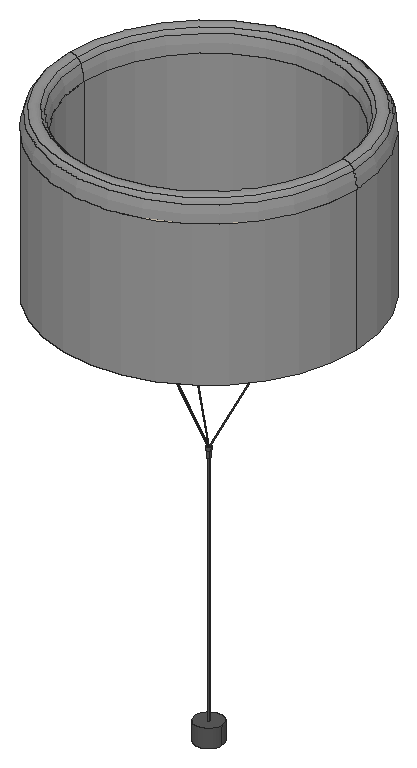
Revit family "Haworth_BuzziJet_Pendant_Lighting_EU_PRELIMINARY", category Lighting Fixtures, host Face, Revit 2018
Family settings
  Host = Face
  Round Connector Dimension = Use Diameter
  Part Type = Normal
  Cut with Voids When Loaded = No
  Light Source = No
  Shared = No
  Room Calculation Point = No
Parameters (values of type "Medium Pendant - Split Cable")
  Warranty = "http://www.haworth.com/resources/product-info/warranties"
  Upholstery Finish [instance] = Haworth _ Fabric _ Undecided _ Screen
  URL - Product = "https://www.haworth.com/eu/en/products/lighting-lamps/buzzijet.html"
  URL = "https://www.haworth.com/eu/en.html"
  Trim Finish = Haworth _ Paint _ Collection Black
  Straight Cable = not(Split Cable)  # no
  Split Cable Length = 40.005 cm  # constant formula
  Split Cable = yes
  Small = not(Medium)  # no
  Revision = "1"  # constant formula
  Note = "Verify Final Dim. w/ Haworth"  # constant formula
  Model = "Buzzi Jet"  # constant formula
  Min. Cable Length = 50.8 cm  # constant formula
  Medium = yes
  Max. Cable Length = 500 cm  # constant formula
  Manufacturer = "Haworth"  # constant formula
  Glass Finish = Haworth _ Glass _ Frosted
  Description = "Haworth - BuzziJet - Pendant - Lighting"  # constant formula
  Default Elevation = 0 cm
  Cable Length [instance] = 104.14 cm
  Cable Finish [instance] = Haworth _ Paint _ Collection Black
  Author = "Haworth (Alias, Abd Rahman)"  # constant formula
  Assembly Code = "E2020200"
  Actual Width = 80.01 cm  # constant formula
  Actual Height = if(Small, 22.5044 cm, 45.0088 cm)  # 45.0088 cm
  Actual Depth = 80.01 cm  # constant formula
  Actual Cable Length [instance] = if(Cable Length > Max. Cable Length, Max. Cable Length, if(Cable Length < Min. Cable Length, Min. Cable Length, Cable Length))  # 104.14 cm
Types (5, lengths in cm): name | Straight Cable | Split Cable | Small | Medium | Actual Height
  (no name) | no | yes | no | yes | 45.0088
  Medium Pendant - Split Cable | no | yes | no | yes | 45.0088
  Medium Pendant - Straight Cable | yes | no | no | yes | 45.0088
  Small Pendant - Split Cable | no | yes | yes | no | 22.5044
  Small Pendant - Straight Cable | yes | no | yes | no | 22.5044
Reference planes (cm)
  plane 1 "Center (Front/Back)": y = 0
  plane 2: z = 0
  plane 3 "Center (Left/Right)": x = 0
  plane 4 "Left": x = -40.005
  plane 5 "Right": x = 40.005
  plane 6 "Back": y = 40.005
  plane 7 "Front": y = -40.005
  plane 8 "Support Bottom": z = 4.8
  plane 9 "Shade Bottom": z = 108.94
  plane 10: z = 108.741
  plane 11: z = 68.736
Forms (cm)
  Extrusion 1, solid, material "Haworth _ Paint _ Collection Black" <- "Trim Finish"
    sketch origin (0, 0, 0) x (1, 0, 0) y (0, 1, 0)
      loop
        circle (0, 0) r 3.5293
    from 0 to 4.8
  Extrusion 2, solid, material "Haworth _ Paint _ Collection Black" <- "Cable Finish", visible <- "Straight Cable"
    sketch origin (0, 0, 0) x (1, 0, 0) y (0, 1, 0)
      loop
        circle (0, 0) r 0.2013
    from 4.8 to 108.94
  Extrusion 3, solid, material "Haworth _ Paint _ Collection Black" <- "Cable Finish", visible <- "Split Cable", detail levels medium+fine
    sketch origin (0, 0, 0) x (1, 0, 0) y (0, 1, 0)
      loop
        circle (0, 0) r 0.2013
    from 4.8 to 68.736
Dimensions and locks (cm)
  "Actual Depth": plane 6 "Back" to plane 7 "Front"
  equal spacing: plane 6 "Back", plane 1 "Center (Front/Back)", plane 7 "Front"
  equal spacing: plane 4 "Left", plane 3 "Center (Left/Right)", plane 5 "Right"
  "Actual Width": plane 4 "Left" to plane 5 "Right"
  "Actual Cable Length": plane 9 "Shade Bottom" to plane 8 "Support Bottom"
  locked: plane 9 "Shade Bottom" to plane 10 at 0.199
  locked: plane 8 "Support Bottom" to plane 2 at 4.8
  locked: plane 10 to plane 11 at 40.005
  radius of Extrusion 2 sketch curve = 0.2013 cm
  radius of Extrusion 1 sketch curve = 3.5293 cm
  radius of Extrusion 3 sketch curve = 0.2013 cm
  aligned and locked: plane 2 to host face
  aligned and locked: level to host face
  aligned and locked: plane 1 "Center (Front/Back)" to Extrusion 1 sketch curve
  aligned and locked: plane 3 "Center (Left/Right)" to Extrusion 1 sketch curve
  aligned and locked: Extrusion 1 to plane 2
  aligned and locked: plane 8 "Support Bottom" to Extrusion 1
  aligned and locked: plane 1 "Center (Front/Back)" to Extrusion 2 sketch curve
  aligned and locked: plane 3 "Center (Left/Right)" to Extrusion 2 sketch curve
  aligned and locked: Extrusion 2 to plane 8 "Support Bottom"
  aligned and locked: plane 9 "Shade Bottom" to Extrusion 2
  aligned and locked: plane 3 "Center (Left/Right)" to nested 2
  aligned and locked: plane 1 "Center (Front/Back)" to nested 2
  aligned and locked: nested 2 to plane 10
  aligned and locked: plane 1 "Center (Front/Back)" to nested 1
  aligned and locked: plane 3 "Center (Left/Right)" to nested 1
  aligned and locked: nested 1 to plane 11
  aligned and locked: plane 1 "Center (Front/Back)" to Extrusion 3 sketch curve
  aligned and locked: plane 3 "Center (Left/Right)" to Extrusion 3 sketch curve
  aligned and locked: Extrusion 3 to plane 8 "Support Bottom"
  aligned and locked: Extrusion 3 to plane 11
Automatic sketch dimensions
  host sketch curve to host sketch curve = 243.84 cm  (x2)
Nested families (cm)
  nested 1: "Haworth_BuzziJet_SplitCable_PART" at (0, 0, 68.736), visible <- "Split Cable", type "Cable"
  nested 2: "Haworth_BuzziJet_Pendant_Part" at (0, 0, 108.741), type "Pendant"
    with Small no, Actual Height 45.0088 cm
Definition of nested family "Haworth_BuzziJet_SplitCable_PART"
  Parameters (values of type "Cable")
    Warranty = "http://www.haworth.com/resources/product-info/warranties"
    URL - Product = "https://www.haworth.com/products/lighting/acoustic/buzzijet"
    URL = "http://www.haworth.com/our-brands/haworth-collection"
    Trim Finish = none
    Size = "Verify Final Dim. w/ Haworth"  # constant formula
    Revision Number = "1"  # constant formula
    Model = "HCBZ-JTP"  # constant formula
    Manufacturer = "Haworth"  # constant formula
    Description = "Haworth BuzziJet - Split Cable Part"
    Cable Length = 40.005 cm  # constant formula
    Cable Finish = none
    Author = "Haworth(Alias)"  # constant formula
  Reference planes (cm)
    plane 1 "Light Source Axis (F/B)": y = 0
    plane 2 "Bottom": z = 0
    plane 3 "Light Source Axis (L/R)": x = 0
    plane 4 "Light Source Elevation": z = 150
    plane 5: z = 40.005
  Forms (cm)
    Revolve 1, solid, material <- "Trim Finish"
      sketch origin (0, 0, 0) x (1, 0, 0) y (0, 0, 1)
        loop
          line (0, 0) -> (0.4, 0) -> (0.4, 1.905) -> (0.6385, 1.905) -> (0.6385, 2.5591) -> (0, 2.5591) -> (0, 0)
        axis (0, 2.5591) -> (0, 0)
      angle from 0 to 360
    Sweep 2, solid, material <- "Cable Finish"
      path origin (0, 0, 0) x (0, -1, 0) y (0, 0, 1)
        loop
          line (19.9311, 40.005) -> (0.1158, 2.4974)
      profile origin (0, -10.0234, 21.2512) x (0, -0.884195, -0.467119) y (-1, 0, 0)
        loop
          circle (-0.053, 0) r 0.0788
    Sweep 3, solid, material <- "Cable Finish"
      path origin (0.0006, 0.001, 0) x (0.866025, 0.5, 0) y (0, 0, 1)
        loop
          line (19.9311, 40.005) -> (0.1158, 2.4974)
      profile origin (8.6812, 5.0128, 21.2512) x (0.765735, 0.442097, -0.467119) y (0.5, -0.866025, 0)
        loop
          circle (-0.053, 0) r 0.0788
    Sweep 4, solid, material <- "Cable Finish"
      path origin (-0.0006, 0.001, 0) x (-0.866025, 0.5, 0) y (0, 0, 1)
        loop
          line (19.9311, 40.005) -> (0.1158, 2.4974)
      profile origin (-8.6812, 5.0128, 21.2512) x (-0.765735, 0.442097, -0.467119) y (0.5, 0.866025, 0)
        loop
          circle (-0.053, 0) r 0.0788
  Lines and regions (cm)
    Masking region 1
      outline origin (0, 0, 0) x (1, 0, 0) y (0, 1, 0)
        loop
          circle (0, 0.0007) r 0.6385
  Dimensions and locks (cm)
    "Cable Length": plane 5 to plane 2 "Bottom"
    locked: Revolve 1 sketch curve to plane 2 "Bottom" at 1.905
    aligned and locked: level to plane 2 "Bottom"
    aligned and locked: plane 3 "Light Source Axis (L/R)" to Revolve 1 sketch curve
    aligned and locked: Revolve 1 sketch curve to plane 2 "Bottom"
  Automatic sketch dimensions
    profile plane to Sweep 2 sketch curve = 0 cm
    profile plane to Sweep 2 sketch curve = 0.053 cm
    Revolve 1 sketch curve to plane 3 "Light Source Axis (L/R)" = 0 cm
    plane 3 "Light Source Axis (L/R)" to Revolve 1 sketch curve = 0.4 cm
    Revolve 1 sketch curve to Revolve 1 sketch curve = 0.2385 cm
    Revolve 1 sketch curve to Revolve 1 sketch curve = 0.6541 cm
    Revolve 1 sketch curve to level = 10.4504 cm
    Revolve 1 sketch curve to Revolve 1 sketch curve = 17.4705 cm
    Sweep 2 sketch curve to plane 5 = 0 cm
    level to Sweep 2 sketch curve = 2.4974 cm
    Sweep 2 sketch curve to Sweep 2 sketch curve = 19.8152 cm
    Sweep 3 sketch curve to plane 5 = 0 cm
    level to Sweep 3 sketch curve = 2.4974 cm
    Sweep 3 sketch curve to Sweep 3 sketch curve = 19.8152 cm
    Sweep 3 sketch curve to profile plane = 0 cm
    profile plane to Sweep 3 sketch curve = 0.053 cm
    plane 5 to Sweep 4 sketch curve = 0 cm
    level to Sweep 4 sketch curve = 2.4974 cm
    Sweep 4 sketch curve to Sweep 4 sketch curve = 19.8152 cm
    profile plane to Sweep 4 sketch curve = 0 cm
    profile plane to Sweep 4 sketch curve = 0.053 cm
    Masking region 1 sketch curve to plane 3 "Light Source Axis (L/R)" = 0 cm
    Masking region 1 sketch curve to plane 1 "Light Source Axis (F/B)" = 0.0007 cm
    radius of Sweep 2 sketch curve = 0.0788 cm
    radius of Sweep 3 sketch curve = 0.0788 cm
    radius of Sweep 4 sketch curve = 0.0788 cm
    radius of Masking region 1 sketch curve = 0.6385 cm
Definition of nested family "Haworth_BuzziJet_Pendant_Part"
  Parameters (values of type "Pendant")
    Wattage = 29 W
    Warranty = "http://www.haworth.com/resources/product-info/warranties"
    built-in parameter 1150110 = 1 (stored number, unit not read)
    Upholstery Finish = none
    URL - Product = "https://www.haworth.com/products/lighting/acoustic/buzzijet"
    URL = "http://www.haworth.com/our-brands/haworth-collection"
    Trim Finish = none
    built-in parameter 1114217 = 1 (stored number, unit not read)
    Tilt Angle = 90.00°
    built-in parameter 1150109 = 1 (stored number, unit not read)
    built-in parameter 1150134 = (empty or 0)
    built-in parameter 1150113 = 1 (stored number, unit not read)
    Small = yes
    Size = "Verify Final Dim. w/ Haworth"  # constant formula
    Revision Number = "1"  # constant formula
    Photometric Web File = "generic"
    built-in parameter 1150142 = (empty or 0)
    Model = "HCBZ-JTP"  # constant formula
    Medium = yes
    Manufacturer = "Haworth"  # constant formula
    built-in parameter 1150105 = 203.08 (stored number, unit not read)
    Lumens = 2552 lm
    built-in parameter 1150115 = 1 (stored number, unit not read)
    built-in parameter 1150137 = (empty or 0)
    built-in parameter 1150139 = (empty or 0)
    built-in parameter 1150112 = 1 (stored number, unit not read)
    built-in parameter 1150114 = 1 (stored number, unit not read)
    built-in parameter 1150132 = (empty or 0)
    built-in parameter 1150102 = (empty or 0)
    built-in parameter 1150107 = 3000 (stored number, unit not read)
    built-in parameter 1150138 = (empty or 0)
    built-in parameter 1150106 = 2.0308 (stored number, unit not read)
    Glass Finish = none
    Emit from Circle Diameter = 60.96 cm
    Emit Shape Visible in Rendering = no
    built-in parameter 1150104 = 8.1755 (stored number, unit not read)
    Dimming Lamp Color Temperature Shift = (empty or 0)
    Description = "Haworth BuzziJet Pendant - Part"
    Color Filter = 16777215
    built-in parameter 1114218 = 1 (stored number, unit not read)
    Author = "Haworth(Alias)"  # constant formula
    built-in parameter 1150133 = 10 (stored number, unit not read)
    Actual Width = 80.01 cm  # constant formula
    Actual Height = if(Small, 22.5044 cm, 45.0088 cm)  # 22.5044 cm
    Actual Depth = 80.01 cm  # constant formula
  Reference planes (cm)
    plane 1 "Light Source Axis (F/B)": y = 0
    plane 2 "Bottom": z = 0
    plane 3 "Light Source Axis (L/R)": x = 0
    plane 4 "Light Source Elevation": z = 13.97
    plane 5: y = 40.005
    plane 6: y = -40.005
    plane 7: x = 40.005
    plane 8: x = -40.005
    plane 9 "Top": z = 22.5044
  Forms (cm)
    Extrusion 1, solid, material <- "Trim Finish"
      sketch origin (0, 0, 0) x (1, 0, 0) y (0, 1, 0)
        loop
          line (-26.9727, 19.6142) -> (-18.8979, 14.9522)
          arc (-18.8979, 14.9522) -> (-18.2165, 14.831) -> (-17.6156, 15.1743) r 1.016
          arc (-17.6156, 15.1743) -> (0, 23.3236) -> (17.6156, 15.1743) r 23.1137
          arc (17.6156, 15.1743) -> (18.2165, 14.831) -> (18.8979, 14.9522) r 1.016
          line (18.8979, 14.9522) -> (26.9727, 19.6142)
          arc (26.9727, 19.6142) -> (27.4616, 20.298) -> (27.268, 21.1161) r 1.016
          arc (27.268, 21.1161) -> (0, 34.4882) -> (-27.268, 21.1161) r 34.4882
          arc (-27.268, 21.1161) -> (-27.4616, 20.298) -> (-26.9727, 19.6142) r 1.016
        loop
          line (-22.3979, 8.89) -> (-30.4727, 13.552)
          arc (-30.4727, 13.552) -> (-31.3094, 13.6334) -> (-31.9211, 13.0567) r 1.016
          arc (-31.9211, 13.0567) -> (-29.8676, -17.2441) -> (-4.6531, -34.1728) r 34.4882
          arc (-4.6531, -34.1728) -> (-3.8478, -33.9315) -> (-3.5, -33.1661) r 1.016
          line (-3.5, -33.1661) -> (-3.5, -23.8422)
          arc (-3.5, -23.8422) -> (-3.7357, -23.1915) -> (-4.3335, -22.8427) r 1.016
          arc (-4.3335, -22.8427) -> (-20.1988, -11.6618) -> (-21.9491, 7.6684) r 23.1137
          arc (-21.9491, 7.6684) -> (-21.9523, 8.3605) -> (-22.3979, 8.89) r 1.016
        loop
          arc (4.3335, -22.8427) -> (3.7357, -23.1915) -> (3.5, -23.8422) r 1.016
          line (3.5, -23.8422) -> (3.5, -33.1661)
          arc (3.5, -33.1661) -> (3.8478, -33.9315) -> (4.6531, -34.1728) r 1.016
          arc (4.6531, -34.1728) -> (29.8676, -17.2441) -> (31.9211, 13.0567) r 34.4882
          arc (31.9211, 13.0567) -> (31.3094, 13.6334) -> (30.4727, 13.552) r 1.016
          line (30.4727, 13.552) -> (22.3979, 8.89)
          arc (22.3979, 8.89) -> (21.9523, 8.3605) -> (21.9491, 7.6684) r 1.016
          arc (21.9491, 7.6684) -> (20.1988, -11.6618) -> (4.3335, -22.8427) r 23.1137
        loop
          circle (0, 0) r 39
      from 0.2119 to 0.4943
    Revolve 2, solid, material <- "Trim Finish"
      sketch origin (0, 0, 0) x (1, 0, 0) y (0, 0, 1)
        loop
          line (22.3, 0.4943) -> (22.3, 8.0983) -> (23.4176, 8.0983) -> (23.5, 8.1283) -> (23.5, 8.2683) -> (23.4176, 8.2983) -> (0, 8.2983) -> (0, 0.4943) -> (22.3, 0.4943)
        axis (0, 8.2983) -> (0, 0.4943)
      angle from 0 to 360
    Revolve 3, solid, material <- "Glass Finish"
      sketch origin (0, 0, 0) x (1, 0, 0) y (0, 0, 1)
        loop
          arc (21.9968, 8.2983) -> (22.3319, 8.5901) -> (22.0889, 8.9622) r 0.3383
          arc (22.0889, 8.9622) -> (16.9125, 10.147) -> (11.6425, 10.8006) r 52.2732
          arc (11.6425, 10.8006) -> (5.8251, 11.1176) -> (0, 11.2233) r 160.567
          line (0, 11.2233) -> (0, 8.2983) -> (21.9968, 8.2983)
        axis (0, 11.2233) -> (0, 8.2983)
      angle from 0 to 360
    Revolve 4, solid, material <- "Upholstery Finish"
      sketch origin (0, 0, 0) x (1, 0, 0) y (0, 0, 1)
        loop
          line (40.005, 0) -> (40.005, 16.5785)
          arc (40.005, 16.5785) -> (39.796, 18.7494) -> (39.1765, 20.8405) r 11.3773
          arc (39.1765, 20.8405) -> (38.8196, 21.4846) -> (38.3174, 22.0231) r 3.0211
          arc (38.3174, 22.0231) -> (36.995, 22.5044) -> (35.6726, 22.0231) r 2.0573
          arc (35.6726, 22.0231) -> (35.1704, 21.4846) -> (34.8134, 20.8405) r 3.0211
          arc (34.8134, 20.8405) -> (34.194, 18.7494) -> (33.985, 16.5785) r 11.3773
          line (33.985, 16.5785) -> (33.985, 0) -> (40.005, 0)
        axis (0, 22.0231) -> (0, 0)
      angle from 0 to 360
  Lines and regions (cm)
    Masking region 1
      outline origin (0, 0, 0) x (1, 0, 0) y (0, 1, 0)
        loop
          circle (0, 0) r 40.005
    Masking region 2, detail levels medium+fine
      outline origin (0, 0, 0) x (1, 0, 0) y (0, 1, 0)
        loop
          line (-26.9727, 19.6142) -> (-18.8979, 14.9522)
          arc (-18.8979, 14.9522) -> (-18.2165, 14.831) -> (-17.6156, 15.1743) r 1.016
          arc (-17.6156, 15.1743) -> (0, 23.3236) -> (17.6156, 15.1743) r 23.1137
          arc (17.6156, 15.1743) -> (18.2165, 14.831) -> (18.8979, 14.9522) r 1.016
          line (18.8979, 14.9522) -> (26.9727, 19.6142)
          arc (26.9727, 19.6142) -> (27.4616, 20.298) -> (27.268, 21.1161) r 1.016
          arc (27.268, 21.1161) -> (0, 34.4882) -> (-27.268, 21.1161) r 34.4882
          arc (-27.268, 21.1161) -> (-27.4616, 20.298) -> (-26.9727, 19.6142) r 1.016
        loop
          line (-22.3979, 8.89) -> (-30.4727, 13.552)
          arc (-30.4727, 13.552) -> (-31.3094, 13.6334) -> (-31.9211, 13.0567) r 1.016
          arc (-31.9211, 13.0567) -> (-29.8676, -17.2441) -> (-4.6531, -34.1728) r 34.4882
          arc (-4.6531, -34.1728) -> (-3.8478, -33.9315) -> (-3.5, -33.1661) r 1.016
          line (-3.5, -33.1661) -> (-3.5, -23.8422)
          arc (-3.5, -23.8422) -> (-3.7357, -23.1915) -> (-4.3335, -22.8427) r 1.016
          arc (-4.3335, -22.8427) -> (-20.1988, -11.6618) -> (-21.9491, 7.6684) r 23.1137
          arc (-21.9491, 7.6684) -> (-21.9523, 8.3605) -> (-22.3979, 8.89) r 1.016
        loop
          arc (4.3335, -22.8427) -> (3.7357, -23.1915) -> (3.5, -23.8422) r 1.016
          line (3.5, -23.8422) -> (3.5, -33.1661)
          arc (3.5, -33.1661) -> (3.8478, -33.9315) -> (4.6531, -34.1728) r 1.016
          arc (4.6531, -34.1728) -> (29.8676, -17.2441) -> (31.9211, 13.0567) r 34.4882
          arc (31.9211, 13.0567) -> (31.3094, 13.6334) -> (30.4727, 13.552) r 1.016
          line (30.4727, 13.552) -> (22.3979, 8.89)
          arc (22.3979, 8.89) -> (21.9523, 8.3605) -> (21.9491, 7.6684) r 1.016
          arc (21.9491, 7.6684) -> (20.1988, -11.6618) -> (4.3335, -22.8427) r 23.1137
        loop
          circle (0, 0) r 39
  Dimensions and locks (cm)
    "Actual Depth": plane 5 to plane 6
    "Actual Width": plane 8 to plane 7
    equal spacing: plane 6, plane 1 "Light Source Axis (F/B)", plane 5
    equal spacing: plane 8, plane 3 "Light Source Axis (L/R)", plane 7
    "Actual Height": plane 9 "Top" to plane 2 "Bottom"
    locked: plane 4 "Light Source Elevation" to plane 2 "Bottom" at 13.97
    aligned and locked: level to plane 2 "Bottom"
    aligned and locked: imposter light to plane 1 "Light Source Axis (F/B)"
    aligned and locked: imposter light to plane 4 "Light Source Elevation"
    aligned and locked: Revolve 4 sketch curve to plane 2 "Bottom"
    aligned and locked: plane 7 to Revolve 4 sketch curve
  Automatic sketch dimensions
    Extrusion 1 sketch curve to Extrusion 1 sketch curve = 0 cm  (x13)
    plane 1 "Light Source Axis (F/B)" to Extrusion 1 sketch curve = 0 cm
    Extrusion 1 sketch curve to plane 3 "Light Source Axis (L/R)" = 0 cm
    Extrusion 1 sketch curve to plane 3 "Light Source Axis (L/R)" = 0.1818 cm
    Extrusion 1 sketch curve to plane 3 "Light Source Axis (L/R)" = 3.5 cm
    Extrusion 1 sketch curve to Extrusion 1 sketch curve = 1.016 cm  (x4)
    Extrusion 1 sketch curve to Extrusion 1 sketch curve = 0.508 cm  (x8)
    Extrusion 1 sketch curve to Extrusion 1 sketch curve = 3.5 cm  (x4)
    Extrusion 1 sketch curve to Extrusion 1 sketch curve = 8.0748 cm  (x2)
    plane 3 "Light Source Axis (L/R)" to Extrusion 1 sketch curve = 0 cm
    plane 3 "Light Source Axis (L/R)" to Extrusion 1 sketch curve = 0.1818 cm
    plane 3 "Light Source Axis (L/R)" to Extrusion 1 sketch curve = 3.5 cm
    plane 3 "Light Source Axis (L/R)" to Extrusion 1 sketch curve = 18.3899 cm
    plane 1 "Light Source Axis (F/B)" to Extrusion 1 sketch curve = 0.1049 cm  (x2)
    Extrusion 1 sketch curve to plane 6 = 16.1628 cm
    Extrusion 1 sketch curve to plane 6 = 6.8389 cm  (x2)
    Extrusion 1 sketch curve to plane 1 "Light Source Axis (F/B)" = 0.2099 cm
    Extrusion 1 sketch curve to plane 1 "Light Source Axis (F/B)" = 8.0101 cm  (x2)
    Extrusion 1 sketch curve to Extrusion 1 sketch curve = 0.8799 cm  (x8)
    Extrusion 1 sketch curve to Extrusion 1 sketch curve = 4.662 cm  (x2)
    Extrusion 1 sketch curve to Extrusion 1 sketch curve = 6.0622 cm  (x4)
    Extrusion 1 sketch curve to plane 3 "Light Source Axis (L/R)" = 18.3899 cm
    Revolve 2 sketch curve to plane 3 "Light Source Axis (L/R)" = 0 cm  (x2)
    level to Revolve 2 sketch curve = 8.0983 cm
    Revolve 2 sketch curve to plane 7 = 17.705 cm
    Revolve 2 sketch curve to Revolve 2 sketch curve = 1.1176 cm
    Revolve 2 sketch curve to Revolve 2 sketch curve = 0 cm
    level to Revolve 2 sketch curve = 8.1283 cm
    Revolve 2 sketch curve to Revolve 2 sketch curve = 0.0824 cm
    level to Revolve 2 sketch curve = 0.4943 cm
    Revolve 2 sketch curve to Revolve 2 sketch curve = 0.14 cm
    Revolve 2 sketch curve to Revolve 2 sketch curve = 0.03 cm
    Revolve 2 sketch curve to level = 9.4817 cm
    Revolve 2 sketch curve to plane 4 "Light Source Elevation" = 10.9145 cm
    Revolve 3 sketch curve to plane 3 "Light Source Axis (L/R)" = 0 cm  (x2)
    plane 3 "Light Source Axis (L/R)" to Revolve 3 sketch curve = 7.8522 cm
    level to Revolve 3 sketch curve = 8.6366 cm
    Revolve 3 sketch curve to plane 7 = 18.0082 cm
    Revolve 3 sketch curve to Revolve 3 sketch curve = 0.3383 cm
    Revolve 3 sketch curve to level = 41.335 cm
    Revolve 3 sketch curve to Revolve 3 sketch curve = 108.0087 cm
    Revolve 3 sketch curve to Revolve 3 sketch curve = 10.3543 cm
    Revolve 3 sketch curve to Revolve 3 sketch curve = 0 cm
    Revolve 3 sketch curve to level = 10.1167 cm
    Revolve 3 sketch curve to plane 4 "Light Source Elevation" = 8.3745 cm
    Revolve 4 sketch curve to plane 3 "Light Source Axis (L/R)" = 0 cm
    Revolve 4 sketch curve to plane 9 "Top" = 5.9259 cm
    Revolve 4 sketch curve to Revolve 4 sketch curve = 11.3773 cm
    Revolve 4 sketch curve to plane 7 = 6.02 cm
    Revolve 4 sketch curve to plane 7 = 3.6295 cm
    Revolve 4 sketch curve to Revolve 4 sketch curve = 0.6195 cm  (x2)
    plane 7 to Revolve 4 sketch curve = 5.3573 cm
    Revolve 4 sketch curve to Revolve 4 sketch curve = 0 cm  (x5)
    Revolve 4 sketch curve to plane 9 "Top" = 2.7956 cm
    Revolve 4 sketch curve to Revolve 4 sketch curve = 0.7383 cm
    Revolve 4 sketch curve to level = 17.78 cm
    Revolve 4 sketch curve to plane 4 "Light Source Elevation" = 28.0162 cm
    plane 1 "Light Source Axis (F/B)" to Masking region 1 sketch curve = 0 cm
    Masking region 1 sketch curve to plane 3 "Light Source Axis (L/R)" = 0 cm
    Masking region 2 sketch curve to Masking region 2 sketch curve = 0 cm  (x19)
    plane 1 "Light Source Axis (F/B)" to Masking region 2 sketch curve = 0 cm
    Masking region 2 sketch curve to plane 3 "Light Source Axis (L/R)" = 0 cm
    Masking region 2 sketch curve to plane 3 "Light Source Axis (L/R)" = 0.1818 cm
    Masking region 2 sketch curve to plane 3 "Light Source Axis (L/R)" = 3.5 cm
    Masking region 2 sketch curve to Masking region 2 sketch curve = 1.016 cm  (x4)
    Masking region 2 sketch curve to plane 3 "Light Source Axis (L/R)" = 18.3899 cm
    Masking region 2 sketch curve to Masking region 2 sketch curve = 0.508 cm  (x8)
    Masking region 2 sketch curve to Masking region 2 sketch curve = 3.5 cm  (x4)
    Masking region 2 sketch curve to Masking region 2 sketch curve = 8.0748 cm  (x2)
    plane 3 "Light Source Axis (L/R)" to Masking region 2 sketch curve = 0 cm
    plane 3 "Light Source Axis (L/R)" to Masking region 2 sketch curve = 0.1818 cm
    plane 3 "Light Source Axis (L/R)" to Masking region 2 sketch curve = 3.5 cm
    plane 3 "Light Source Axis (L/R)" to Masking region 2 sketch curve = 18.3899 cm
    plane 1 "Light Source Axis (F/B)" to Masking region 2 sketch curve = 0.1049 cm  (x2)
    Masking region 2 sketch curve to plane 6 = 16.1628 cm
    Masking region 2 sketch curve to plane 6 = 6.8389 cm  (x2)
    Masking region 2 sketch curve to plane 1 "Light Source Axis (F/B)" = 0.2099 cm
    Masking region 2 sketch curve to plane 1 "Light Source Axis (F/B)" = 8.0101 cm  (x2)
    Masking region 2 sketch curve to Masking region 2 sketch curve = 0.8799 cm  (x8)
    Masking region 2 sketch curve to Masking region 2 sketch curve = 4.662 cm  (x2)
    Masking region 2 sketch curve to Masking region 2 sketch curve = 6.0622 cm  (x4)
    radius of Extrusion 1 sketch curve = 39 cm
    radius of Masking region 1 sketch curve = 40.005 cm
    radius of Masking region 2 sketch curve = 39 cm
